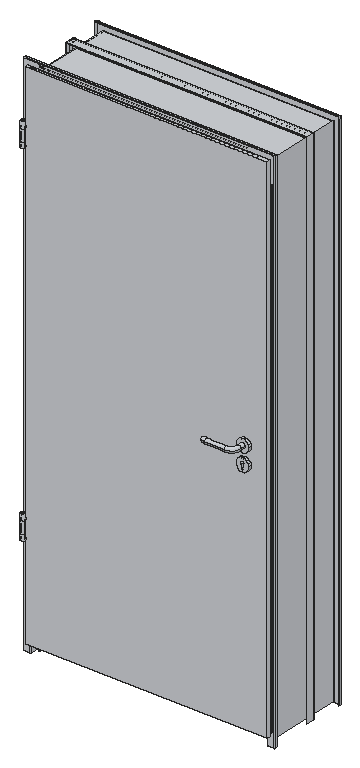
Revit family "BOS-Dehnungsfugenzarge-UuHd1_Familie1", category Türen, Revit 2017 (continued)
Definition of nested family "BOS-loser-Nagelanker-und-Propelleranker-Vorderschale_Detail"
  Lines and regions (mm)
    detail lines, in view "Ref.-Ebene"
      curve 41: arc (-89.855, -1.25, 0) -> (-87.239, -2.529, 0) -> (-84.366, -3, 0) r 9.994
      curve 42: line (-104.5, 0, 0) -> (-104.5, -1.25, 0)
      curve 43: line (-104.5, -1.25, 0) -> (-89.855, -1.25, 0)
      curve 45: line (-6.49, -21.951, 0) -> (-6.179, -23.162, 0)
      curve 46: line (5, 50, 0) -> (20, 87.375, 0)
      curve 47: line (20, 87.375, 0) -> (21.392, 86.816, 0)
      curve 48: line (21.392, 86.816, 0) -> (6.653, 50.091, 0)
    detail lines, in view "Ref.-Ebene", not visible
      curve 8: arc (-156.874, -155.441, 0) -> (-155.9, -155.562, 0) -> (-154.985, -155.915, 0) r 4
      curve 9: arc (-141.619, -165.884, 0) -> (-142.586, -165.779, 0) -> (-143.507, -165.467, 0) r 4.486
      curve 10: arc (-122.007, -162.941, 0) -> (-117.1, -167.126, 0) -> (-120.456, -172.633, 0) r 4.97
      curve 11: arc (-122.007, -165.884, 0) -> (-120.022, -167.503, 0) -> (-121.207, -169.774, 0) r 2.027
      curve 12: arc (-129.986, -173.789, 0) -> (-127.624, -171.828, 0) -> (-124.79, -170.648, 0) r 10.319
      curve 13: line (-141.87, -162.941, 0) -> (-154.985, -155.915, 0)
      curve 14: line (-143.507, -165.467, 0) -> (-156.623, -158.441, 0)
      curve 15: line (-156.623, -158.441, 0) -> (-221.903, -158.441, 0)
      curve 16: line (-120.456, -172.633, 0) -> (-143.716, -178.603, 0)
      curve 17: line (-144.026, -177.393, 0) -> (-129.986, -173.789, 0)
      curve 18: line (-124.79, -170.648, 0) -> (-121.207, -169.774, 0)
      curve 19: line (-122.007, -162.941, 0) -> (-141.87, -162.941, 0)
      curve 20: line (-122.007, -165.884, 0) -> (-141.619, -165.884, 0)
      curve 21: line (-156.874, -155.441, 0) -> (-242.036, -155.441, 0)
      curve 22: arc (-227.391, -156.691, 0) -> (-224.776, -157.97, 0) -> (-221.903, -158.441, 0) r 9.994
      curve 23: line (-242.036, -155.441, 0) -> (-242.036, -156.691, 0)
      curve 24: line (-242.036, -156.691, 0) -> (-227.391, -156.691, 0)
      curve 26: line (-144.026, -177.393, 0) -> (-143.716, -178.603, 0)
    reference lines, in view "Ref.-Ebene", not visible
      curve 25: line (-145.536, -185.548, 0) -> (-145.536, -148.379, 0)
    reference lines, in view "Ref.-Ebene"
      curve 44: line (-8, -30.107, 0) -> (-8, 7.062, 0)
  Dimensions and locks
    plane 4 to plane 6 = 0 mm
    plane 7 to plane 1 = 15 mm
    "MW Maulweite": plane 7 to plane 6
    plane 8 to plane 3 = 120 mm
    plane 3 to plane 5 = 5 mm
    "Bügelankerlänge": plane 10 to plane 11
    "Abbiegung vorne": plane 5 to plane 12
    "Einfügepunkt": plane 3 to plane 13
    equal spacing: plane 1, plane 9, plane 6
    equal spacing: plane 10, plane 9, plane 11
    "Spiegel vorne": plane 14 to plane 13
    "Abbiegung hinten": plane 5 to plane 15
    curve 5 to curve 7 = 1.5 mm
    curve 48 to curve 46 = 1.5 mm
    aligned and locked: plane 4 to curve 3
    aligned and locked: plane 5 to curve 2
    aligned and locked: plane 9 to curve 7
    aligned and locked: plane 11 to curve 6
    aligned and locked: plane 12 to curve 7
    aligned and locked: curve 40 to plane 1
    aligned and locked: plane 14 to curve 44
  Automatic sketch dimensions
    curve 6 to curve 5 = 1.5 mm  (x2)
    curve 25 to curve 25 = 37.169 mm
    curve 23 to curve 24 = 14.645 mm
    curve 24 to curve 15 = 5.489 mm
    curve 15 to curve 22 = 0.163 mm
    curve 15 to curve 8 = 65.029 mm
    curve 8 to curve 15 = 0.251 mm
    curve 8 to curve 13 = 1.889 mm
    curve 14 to curve 19 = 1.638 mm
    curve 13 to curve 9 = 0.251 mm
    curve 18 to curve 12 = 2.503 mm
    curve 12 to curve 11 = 2.782 mm
    curve 10 to curve 18 = 0.8 mm
    curve 18 to curve 16 = 0.751 mm
    curve 21 to curve 22 = 6.993 mm
    curve 13 to curve 8 = 0.474 mm
    curve 24 to curve 21 = 1.25 mm
    curve 9 to curve 13 = 5.482 mm
    curve 19 to curve 9 = 1.544 mm
    curve 14 to curve 13 = 2.526 mm
    curve 10 to curve 20 = 2.027 mm
    curve 18 to curve 18 = 0.874 mm
    curve 17 to curve 18 = 3.141 mm
    curve 10 to curve 11 = 0 mm  (x4)
    curve 17 to curve 9 = 11.509 mm
    curve 16 to curve 17 = 1.211 mm
    curve 8 to curve 17 = 12.847 mm
    curve 17 to curve 26 = 0.311 mm
    curve 17 to curve 14 = 0.519 mm
    curve 44 to curve 44 = 37.169 mm
    curve 42 to curve 43 = 14.645 mm
    curve 43 to curve 34 = 5.489 mm
    curve 34 to curve 41 = 0.163 mm
    curve 34 to curve 27 = 65.029 mm
    curve 27 to curve 34 = 0.251 mm
    curve 27 to curve 32 = 1.889 mm
    curve 33 to curve 38 = 1.638 mm
    curve 32 to curve 28 = 0.251 mm
    curve 37 to curve 31 = 2.503 mm
    curve 31 to curve 30 = 2.782 mm
    curve 29 to curve 37 = 0.8 mm
    curve 37 to curve 35 = 0.751 mm
    curve 40 to curve 41 = 6.993 mm
    curve 32 to curve 27 = 0.474 mm
    curve 43 to curve 40 = 1.25 mm
    curve 28 to curve 32 = 5.482 mm
    curve 38 to curve 28 = 1.544 mm
    curve 33 to curve 32 = 2.526 mm
    curve 29 to curve 39 = 2.027 mm
    curve 37 to curve 37 = 0.874 mm
    curve 36 to curve 37 = 3.141 mm
    curve 29 to curve 30 = 0 mm  (x4)
    curve 36 to curve 28 = 11.509 mm
    curve 35 to curve 36 = 1.211 mm
    curve 27 to curve 36 = 12.847 mm
    curve 36 to curve 45 = 0.311 mm
    curve 36 to curve 33 = 0.519 mm
    curve 3 to plane 8 = 0 mm
    plane 1 to curve 1 = 0 mm
    curve 1 to plane 8 = 0 mm
    curve 4 to plane 3 = 0 mm
    curve 48 to curve 46 = 39.601 mm
    curve 46 to curve 48 = 1.5 mm
    curve 48 to curve 46 = 1.5 mm
    curve 48 to curve 46 = 1.655 mm
    curve 47 to plane 10 = 0 mm
    curve 47 to plane 15 = 0 mm
    plane 9 to curve 46 = 0 mm
Definition of nested family "BOS-loser-Nagelanker-und-Propelleranker-Hinterschale_Detail"
  Parameters (values of type "BOS-loser-Nagelanker-und-Propelleranker-Hinterschale_Detail")
    URL = "www.BestOfSteel.de"
    Spiegel hinten = 30 mm
    Rechtliche Hinweise = "www.BestOfSteel.de/tools-downloads/bim-building-information-modeling/"
    Model = ""
    MW1 Maulweite = 130 mm
    MW2 Maulweite = 100 mm
    Dehnungsfuge = 20 mm
    Blechstärke = 1.5 mm
    BOS-Architekten-Beratung = "Tel.: +49 (0) 2572 203-203, Fax -209; E-Mail: architekten@BestOfSteel.de"
    Allgemeine Informationen zu Stahlzargen = "www.BestOfSteel.de/tools-downloads/technische-infos-rund-um-die-stahlzarge/"
    Manufacturer = "BOS GmbH Best Of Steel, Lütkenfelde 4, D-48282 Emsdetten"
    Falzaufschlag gesamt = 15 mm
    Einfügepunkt = 22 mm
    Bügelankerlänge = 0.68 * MW2 Maulweite  # 68 mm
    Description = "loser Nagelanker und Propelleranker (Hinterschale)"
    Keynote = "BOS Detail"
    Abbiegung vorne = 10 mm
    Abbiegung hinten = 10 mm
  Reference planes
    plane 1: y = 0
    plane 2: z = 0
    plane 3: x = 0
    plane 4: y = 85
    plane 5: x = 5
    plane 6: y = 100
    plane 7: y = 0
    plane 8: x = -120
    plane 9: y = 42.5
    plane 10: y = 76.5
    plane 11: y = 8.5
    plane 12: x = 15
    plane 13: x = 22
    plane 14: x = 37
    plane 15: x = 7
    plane 16: x = 15
    plane 17: y = -20
    plane 18: y = -150
  Lines and regions (mm)
    detail lines, in view "Ref.-Ebene"
      curve 1: line (-120, 0, 0) -> (5, 0, 0)
      curve 2: line (5, 0, 0) -> (5, 85, 0)
      curve 3: line (5, 85, 0) -> (-120, 85, 0)
      curve 4: line (0, 85, 0) -> (0, 0, 0)
      curve 5: line (6.564, 42.5, 0) -> (16.439, 8.923, 0)
      curve 6: line (16.439, 8.923, 0) -> (15, 8.5, 0)
      curve 7: line (15, 8.5, 0) -> (5, 42.5, 0)
      curve 8: arc (-4.337, 85, 0) -> (-3.363, 85.12, 0) -> (-2.448, 85.474, 0) r 4
      curve 9: arc (10.918, 95.443, 0) -> (9.951, 95.337, 0) -> (9.029, 95.026, 0) r 4.486
      curve 10: arc (30.529, 92.5, 0) -> (35.437, 96.685, 0) -> (32.08, 102.192, 0) r 4.97
      curve 11: arc (30.529, 95.443, 0) -> (32.515, 97.062, 0) -> (31.329, 99.333, 0) r 2.027
      curve 12: arc (22.55, 103.348, 0) -> (24.912, 101.387, 0) -> (27.747, 100.207, 0) r 10.319
      curve 13: line (10.667, 92.5, 0) -> (-2.448, 85.474, 0)
      curve 14: line (9.029, 95.026, 0) -> (-4.086, 88, 0)
      curve 15: line (-4.086, 88, 0) -> (-69.366, 88, 0)
      curve 16: line (32.08, 102.192, 0) -> (8.821, 108.162, 0)
      curve 17: line (8.51, 106.951, 0) -> (22.55, 103.348, 0)
      curve 18: line (27.747, 100.207, 0) -> (31.329, 99.333, 0)
      curve 19: line (30.529, 92.5, 0) -> (10.667, 92.5, 0)
      curve 20: line (30.529, 95.443, 0) -> (10.918, 95.443, 0)
      curve 21: line (-4.337, 85, 0) -> (-89.5, 85, 0)
      curve 22: arc (-74.855, 86.25, 0) -> (-72.239, 87.529, 0) -> (-69.366, 88, 0) r 9.994
      curve 23: line (-89.5, 85, 0) -> (-89.5, 86.25, 0)
      curve 24: line (-89.5, 86.25, 0) -> (-74.855, 86.25, 0)
      curve 26: line (8.51, 106.951, 0) -> (8.821, 108.162, 0)
      curve 46: line (6.564, 42.5, 0) -> (16.439, 76.077, 0)
      curve 47: line (5, 42.5, 0) -> (15, 76.5, 0)
      curve 48: line (15, 76.5, 0) -> (16.439, 76.077, 0)
    reference lines, in view "Ref.-Ebene"
      curve 25: line (7, 115.107, 0) -> (7, 77.938, 0)
    detail lines, in view "Ref.-Ebene", not visible
      curve 27: arc (-156.874, -155.441, 0) -> (-155.9, -155.562, 0) -> (-154.985, -155.915, 0) r 4
      curve 28: arc (-141.619, -165.884, 0) -> (-142.586, -165.779, 0) -> (-143.507, -165.467, 0) r 4.486
      curve 29: arc (-122.007, -162.941, 0) -> (-117.1, -167.126, 0) -> (-120.456, -172.633, 0) r 4.97
      curve 30: arc (-122.007, -165.884, 0) -> (-120.022, -167.503, 0) -> (-121.207, -169.774, 0) r 2.027
      curve 31: arc (-129.986, -173.789, 0) -> (-127.624, -171.828, 0) -> (-124.79, -170.648, 0) r 10.319
      curve 32: line (-141.87, -162.941, 0) -> (-154.985, -155.915, 0)
      curve 33: line (-143.507, -165.467, 0) -> (-156.623, -158.441, 0)
      curve 34: line (-156.623, -158.441, 0) -> (-221.903, -158.441, 0)
      curve 35: line (-120.456, -172.633, 0) -> (-143.716, -178.603, 0)
      curve 36: line (-144.026, -177.393, 0) -> (-129.986, -173.789, 0)
      curve 37: line (-124.79, -170.648, 0) -> (-121.207, -169.774, 0)
      curve 38: line (-122.007, -162.941, 0) -> (-141.87, -162.941, 0)
      curve 39: line (-122.007, -165.884, 0) -> (-141.619, -165.884, 0)
      curve 40: line (-156.874, -155.441, 0) -> (-242.036, -155.441, 0)
      curve 41: arc (-227.391, -156.691, 0) -> (-224.776, -157.97, 0) -> (-221.903, -158.441, 0) r 9.994
      curve 42: line (-242.036, -155.441, 0) -> (-242.036, -156.691, 0)
      curve 43: line (-242.036, -156.691, 0) -> (-227.391, -156.691, 0)
      curve 45: line (-144.026, -177.393, 0) -> (-143.716, -178.603, 0)
    reference lines, in view "Ref.-Ebene", not visible
      curve 44: line (-145.536, -185.548, 0) -> (-145.536, -148.379, 0)
  Dimensions and locks
    plane 4 to plane 6 = 15 mm
    plane 7 to plane 1 = 0 mm
    "MW2 Maulweite": plane 7 to plane 6
    plane 8 to plane 3 = 120 mm
    plane 3 to plane 5 = 5 mm
    "Bügelankerlänge": plane 10 to plane 11
    "Abbiegung vorne": plane 5 to plane 12
    "Einfügepunkt": plane 3 to plane 13
    equal spacing: plane 7, plane 9, plane 4
    equal spacing: plane 10, plane 9, plane 11
    "Falzaufschlag gesamt": plane 13 to plane 14
    "Spiegel hinten": plane 15 to plane 14
    "Abbiegung hinten": plane 5 to plane 16
    curve 46 to curve 47 = 1.5 mm
    curve 5 to curve 7 = 1.5 mm
    "MW1 Maulweite": plane 17 to plane 18
    "Dehnungsfuge": plane 17 to plane 7
    aligned and locked: plane 4 to curve 3
    aligned and locked: curve 1 to plane 1
    aligned and locked: plane 5 to curve 2
    aligned and locked: plane 9 to curve 7
    aligned and locked: plane 11 to curve 6
    aligned and locked: plane 12 to curve 7
    aligned and locked: plane 4 to curve 21
    aligned and locked: curve 25 to plane 15
  Automatic sketch dimensions
    curve 6 to curve 5 = 1.5 mm  (x2)
    curve 3 to plane 8 = 0 mm
    curve 1 to plane 8 = 0 mm
    curve 4 to plane 3 = 0 mm
    curve 25 to curve 25 = 37.169 mm
    curve 23 to curve 24 = 14.645 mm
    curve 24 to curve 15 = 5.489 mm
    curve 15 to curve 22 = 0.163 mm
    curve 15 to curve 8 = 65.029 mm
    curve 8 to curve 15 = 0.251 mm
    curve 8 to curve 13 = 1.889 mm
    curve 14 to curve 19 = 1.638 mm
    curve 13 to curve 9 = 0.251 mm
    curve 18 to curve 12 = 2.503 mm
    curve 12 to curve 11 = 2.782 mm
    curve 10 to curve 18 = 0.8 mm
    curve 18 to curve 16 = 0.751 mm
    curve 22 to curve 21 = 6.993 mm
    curve 8 to curve 13 = 0.474 mm
    curve 21 to curve 24 = 1.25 mm
    curve 13 to curve 9 = 5.482 mm
    curve 9 to curve 19 = 1.544 mm
    curve 13 to curve 14 = 2.526 mm
    curve 20 to curve 10 = 2.027 mm
    curve 18 to curve 18 = 0.874 mm
    curve 18 to curve 17 = 3.141 mm
    curve 10 to curve 11 = 0 mm  (x4)
    curve 9 to curve 17 = 11.509 mm
    curve 17 to curve 16 = 1.211 mm
    curve 8 to curve 17 = 12.847 mm
    curve 17 to curve 26 = 0.311 mm
    curve 17 to curve 14 = 0.519 mm
    curve 44 to curve 44 = 37.169 mm
    curve 42 to curve 43 = 14.645 mm
    curve 43 to curve 34 = 5.489 mm
    curve 34 to curve 41 = 0.163 mm
    curve 34 to curve 27 = 65.029 mm
    curve 27 to curve 34 = 0.251 mm
    curve 27 to curve 32 = 1.889 mm
    curve 33 to curve 38 = 1.638 mm
    curve 32 to curve 28 = 0.251 mm
    curve 37 to curve 31 = 2.503 mm
    curve 31 to curve 30 = 2.782 mm
    curve 29 to curve 37 = 0.8 mm
    curve 37 to curve 35 = 0.751 mm
    curve 40 to curve 41 = 6.993 mm
    curve 32 to curve 27 = 0.474 mm
    curve 43 to curve 40 = 1.25 mm
    curve 28 to curve 32 = 5.482 mm
    curve 38 to curve 28 = 1.544 mm
    curve 33 to curve 32 = 2.526 mm
    curve 29 to curve 39 = 2.027 mm
    curve 37 to curve 37 = 0.874 mm
    curve 36 to curve 37 = 3.141 mm
    curve 29 to curve 30 = 0 mm  (x4)
    curve 36 to curve 28 = 11.509 mm
    curve 35 to curve 36 = 1.211 mm
    curve 27 to curve 36 = 12.847 mm
    curve 36 to curve 45 = 0.311 mm
    curve 36 to curve 33 = 0.519 mm
    curve 46 to curve 48 = 35.031 mm
    curve 48 to curve 48 = 1.5 mm  (x2)
    curve 47 to curve 46 = 1.564 mm
    curve 47 to plane 16 = 0 mm
    curve 48 to plane 10 = 0 mm
    plane 9 to curve 47 = 0 mm
Definition of nested family "BOS-Info-Texte_Beschriftung"
  Parameters (values of type "Drückerhöhe Warnung")
    Unten = yes
    Oben = no
    Info-Text unten En = "Please take the handle depth/height and/or DIN opening direction into account"
    Info-Text unten De = "Drückertiefen/-höhen und/oder DIN Richtungen beachten/anpassen!"
    Info-Text En = "Kein Text"
    Englisch unten = and(Unten, Englisch)  # no
    Englisch oben = and(Oben, Englisch)  # no
    Englisch = no
    Info-Text De = "Kein Text"
    Warndreieck = yes
    Fehlerkreis = no
    Deutsch unten = and(Unten, Deutsch)  # yes
    Deutsch oben = and(Oben, Deutsch)  # no
    Deutsch = not(Englisch)  # yes
    Ausrufezeichen = "!"
  Types (10, lengths in mm): name | Unten | Oben | Info-Text unten En | Info-Text unten De | Info-Text En | Info-Text De | Warndreieck | Fehlerkreis | Deutsch unten | Deutsch oben
    Rechtliche Hinweise | no | yes | "Kein Text" | "Kein Text" | "In accordance with the protection note according to DIN 34, the ownership and copyrights are reserved!\r\n© 2016 BOS GmbH, Emsdetten, Germany -\r\nObserve the ISO 16016 protective label (see ID data)!\r\n\r\nSubject to technical change!" | "Entsprechend dem Schutzvermerk nach DIN 34 behalten wir uns Eigentum und Urheberrecht vor!\r\n© 2016 BOS GmbH, Emsdetten, Deutschland -\r\nSchutzvermerk ISO 16016 beachten (siehe ID-Daten)!\r\n\r\nTechnische Änderungen vorbehalten!" | no | no | no | yes
    Maulweite Fehlermeldung | no | yes | "Kein Text" | "Kein Text" | "Check the wall thickness!" | "Wandstärke prüfen!" | no | yes | no | yes
    Rohbaumaß Warnung | no | yes | "Kein Text" | "Kein Text" | "For DIN door leaves, select larger structural wall measurements!" | "Bei DIN-Türblatt Rohbaumaße größer wählen!" | no | no | no | yes
    Verstellbereich | no | yes | "Kein Text" | "Kein Text" | "Adjustment area from -5 to +15mm,\r\nother adjustment areas possible" | "Verstellbereich von -5 bis +15mm\r\nanderer Verstellbereich möglich" | no | no | no | yes
    Verstellbereich wSvdW | no | yes | "Kein Text" | "Kein Text" | "Adjustment area in the soffit from -2 to +15mm,\r\nother adjustment areas possible" | "Verstellbereich in der Zargenleibung von -2 bis +15mm\r\nanderer Verstellbereich möglich" | no | no | no | yes
    Maulweite Auswahl | no | yes | "Kein Text" | "Kein Text" | "To adjust Receiving Opening see 'Features'" | "Anpassung von MW Maulweite unter 'Eigenschaften'" | no | no | no | yes
    Technische Hinweise 15Nz15Z | no | yes | "Kein Text" | "Kein Text" | "Due to manufacturing reasons this Revit family may not be changed\r\nwithout consulting BOS!\r\n\r\nDo not mirror frames (door list)!\r\nsee ‘Features’: DIN left / DIN right\r\n\r\nThe solid and stud walls or, for example, their profiles,\r\nmust be designed so that they can reliably and sustainably\r\nabsorb the static and dynamic forces resulting\r\nfrom the load on the door element used.\r\n\r\nAttention for stud walls:\r\nunderlay from site required, no standard structural wall measurement possible!\r\nFor selection \"stud walls\":\r\nsee 'Features' (remove tick for brick walls)" | "Diese Revit-Familie darf aus fertigungstechnischen Gründen\r\nnicht ohne Rücksprache mit BOS abgeändert werden!\r\n\r\nZargen nicht spiegeln (Türliste)!\r\nsiehe 'Eigenschaften': DIN links / DIN rechts\r\n\r\nDie Massiv- und Ständerwerkswände bzw. deren Profile\r\nmüssen so ausgebildet sein, dass sie die statischen\r\nund dynamischen Kräfte, welche sich aus der Belastung\r\nder verwendeten Türelements ergeben, zuverlässig\r\nund nachhaltig aufnehmen können.\r\n\r\nAchtung bei Ständerwerk:\r\nbauseitige Unterfütterung erforderlich, kein Standard-Rohbaumaß möglich!\r\nFür Auswahl \"Ständerwerk\": \r\nsiehe 'Eigenschaften' (Häkchen entfernen bei Mauerwerk)" | no | no | no | yes
    Technische Hinweise | no | yes | "Kein Text" | "Kein Text" | "Due to manufacturing reasons this Revit family may not be changed\r\nwithout consulting BOS!\r\n\r\nDo not mirror frames (door list)!\r\nsee ‘Features’: DIN left / DIN right\r\n\r\nThe solid and stud walls or, for example, their profiles,\r\nmust be designed so that they can reliably and sustainably\r\nabsorb the static and dynamic forces resulting\r\nfrom the load on the door element used." | "Diese Revit-Familie darf aus fertigungstechnischen Gründen\r\nnicht ohne Rücksprache mit BOS abgeändert werden!\r\n\r\nZargen nicht spiegeln (Türliste)!\r\nsiehe 'Eigenschaften': DIN links / DIN rechts\r\n\r\nDie Massiv- und Ständerwerkswände bzw. deren Profile\r\nmüssen so ausgebildet sein, dass sie die statischen\r\nund dynamischen Kräfte, welche sich aus der Belastung\r\nder verwendeten Türelements ergeben, zuverlässig\r\nund nachhaltig aufnehmen können." | no | no | no | yes
    Drückerhöhe Warnung | yes | no | "Please take the handle depth/height and/or DIN opening direction into account" | "Drückertiefen/-höhen und/oder DIN Richtungen beachten/anpassen!" | "Kein Text" | "Kein Text" | yes | no | yes | no
    Maulweite-Dehnungsfuge Fehlermeldung | no | yes | "Kein Text" | "Kein Text" | "Check the wall thickness and/or expansion joint!" | "Wandstärke und/oder Dehnungsfuge prüfen!" | no | yes | no | yes
  Reference planes
    plane 1: y = 0.955
    plane 2: x = 0
  Lines and regions (mm)
    Filled region 1, type "Gefüllter Bereich Gelb", visible <- "Warndreieck"
      outline origin (-7.188, 1.747, 0) x (1, 0, 0) y (0, 1, 0)
        loop
          line (5.951, -3.033) -> (8.413, -3.033) -> (7.182, -0.9) -> (5.951, -3.033)
    Filled region 2, type "Gefüllter Bereich Rot", visible <- "Fehlerkreis"
      outline origin (0, -3.763, 0) x (1, 0, 0) y (0, 1, 0)
        loop
          circle (0, 3.1) r 1.5
        loop
          line (-0.937, 3.486) -> (-0.937, 2.686) -> (1.023, 2.686) -> (1.023, 3.486) -> (-0.937, 3.486)
    Filled region 3, type "Gefüllter Bereich Weiss", visible <- "Fehlerkreis"
      outline origin (-7.014, -2.062, 0) x (1, 0, 0) y (0, 1, 0)
        loop
          line (6.077, 1.785) -> (6.077, 0.985) -> (8.038, 0.985) -> (8.038, 1.785) -> (6.077, 1.785)
  Text (mm)
    label "Info-Text De" at (0.065, 1.415, 0), shows "Info-Text De", visible <- "Deutsch oben"
    label "!" at (0.065, -0.414, 0), shows "Ausrufezeichen", visible <- "Warndreieck"
    label "Info-Text En" at (0.065, 1.415, 0), shows "Info-Text En", visible <- "Englisch oben"
    label "Info-Text unten De" at (0.065, -2.419, 0), shows "Info-Text unten De", visible <- "Deutsch unten"
    label "Info-Text unten En" at (0.065, -2.419, 0), shows "Info-Text unten En", visible <- "Englisch unten"
  Dimensions and locks
    aligned and locked: Filled region 3 sketch curve to Filled region 2  (x4)
Definition of nested family "BOS-Logo_Modell"
  Parameters (values of type "BOS-Logo_Modell")
    URL = "www.BestOfSteel.de"
    Keynote = "BOS Logo"
  Reference planes
    plane 1: y = 0
    plane 2: z = 0
    plane 3: x = 0
    plane 4: x = -7
    plane 5: x = 7
    plane 6: y = 10
    plane 7: y = 0.5
    plane 8: x = 15
    plane 9: y = 5
    plane 10: x = -15
    plane 11: y = 15
  Dimensions and locks
    plane 7 to plane 1 = 0.5 mm
    plane 4 to plane 3 to plane 5 = 7 mm, 7 mm
    equal spacing: plane 6, plane 9, plane 1
    plane 10 to plane 3 to plane 8 = 15 mm, 15 mm
    plane 1 to plane 6 to plane 11 = 10 mm, 5 mm
    aligned and locked: level to plane 2
    aligned and locked: plane 7 to import instance  (x2)
    aligned and locked: plane 3 to import instance  (x2)
Types (4, lengths in mm): name | UsFHd1 | UuFHd1 | Stumpf | LDH Lichte Durchgangs Höhe   Clearance Height | LDB Lichte Durchgangs Breite   Clearance Width | Gefälzt | Türblattstärke 3 | Türblattstärke 2 | Türblattstärke 1 | Türblattstärke | Türblattversatz | UsHd1 | UuHd1 | Modell | Falztiefe gesamt | Falztiefe | Falzaufschlag gesamt | Einfachfalz | Doppelfalz | Dichtungsversatz vertikal 2 | Dichtungsversatz vertikal 1 | Dichtung 2 | Bänder - Auswahl | Beschreibung
  UuHd1 | no | no | no | 2093 | 936 | yes | 0 | 25.5 | 14.5 | 40 | 26 | no | yes | "UuHd1" | 28.5 | 28.5 | 15 | yes | no | 53.5 | 28.5 | no | "3D Bänder gefälzt, Bandaufnahmen BVX11000" | "Dehnungsfugenzarge Typ 1, gefälzt"
  UsHd1 | no | no | yes | 2093 | 936 | no | 0 | 40 | 0 | 40 | 8 | yes | no | "UsHd1" | 46.5 | 46.5 | 15 | yes | no | 71.5 | 46.5 | no | "3D Bänder stumpf, Bandaufnahmen BVX11000" | "Dehnungsfugenzarge Typ 1, stumpf"
  UuFHd1 | no | yes | no | 2078 | 906 | yes | 25 | 25.5 | 14.5 | 65 | 26 | no | no | "UuFHd1" | 53.5 | 28.5 | 30 | no | yes | 53.5 | 28.5 | yes | "3D Bänder gefälzt, Bandaufnahmen BVX11000" | "Dehnungsfugenzarge Typ 1, gefälzt, mit Doppelfalz"
  UsFHd1 | yes | no | yes | 2078 | 906 | no | 25 | 40 | 0 | 65 | 8 | no | no | "UsFHd1" | 71.5 | 46.5 | 30 | no | yes | 71.5 | 46.5 | yes | "3D Bänder stumpf, Bandaufnahmen BVX11000" | "Dehnungsfugenzarge Typ 1, stumpf, mit Doppelfalz"
